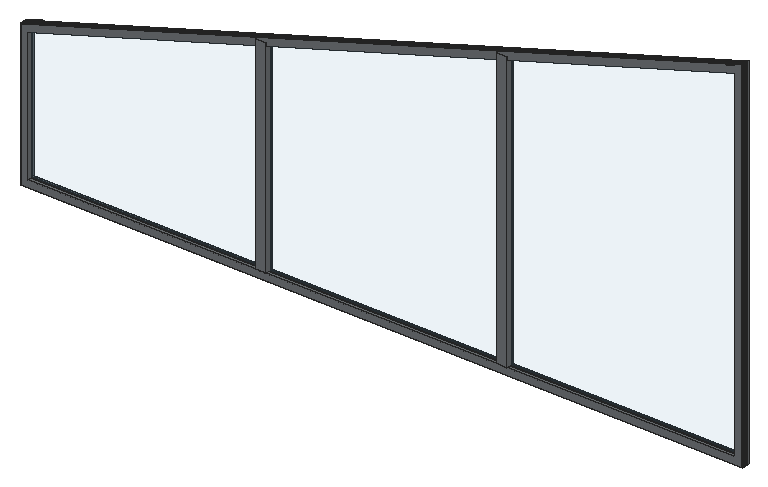
Revit family "Verano_V785_Serena Oblique_GM_R21", category Generic Models, Revit 2021
Family settings
  Can host rebar = No
  Round Connector Dimension = Use Diameter
  Part Type = Normal
  Work Plane-Based = No
  Always vertical = Yes
  Cut with Voids When Loaded = No
  Shared = No
  Room Calculation Point = No
Parameters
  Warning - Width [instance] = if(or(Overall Width < Minimal Width, Overall Width > Maximal Width), 1 = 1, 1 = 0)  # no
  Warning - Height [instance] = if(or(Height_Left < Minimal Height, Height_Right < Minimal Height, Height_Left > Maximal Height, Height_Right > Maximal Height), 1 = 1, 1 = 0)  # no
  URL = "https://verano.nl/catalogus/schuifwanden"
  TWO PART [instance] = PARTS = 2  # no
  THREE PART [instance] = PARTS = 3  # yes
  Panel Material [instance] = Glass
  PARTS [instance] = if(Overall Width Constraint < 1001 mm, 1, if(and(Overall Width Constraint > 1000 mm, Overall Width Constraint < 3001 mm), 2, 3))  # 3
  Overall Width Constraint [instance] = if(Overall Width < Minimal Width, Minimal Width, if(Overall Width > Maximal Width, Maximal Width, Overall Width))  # 5000 mm
  Overall Width [instance] = 5000 mm
  ONE PART [instance] = PARTS = 1  # no
  Model = "V785 Serena"
  Minimal Width [instance] = 250 mm  # constant formula
  Minimal Height [instance] = 600 mm  # constant formula
  Maximal Width [instance] = 5000 mm  # constant formula
  Maximal Height [instance] = 3200 mm  # constant formula
  Manufacturer = "Verano Systems"
  Height_Right [instance] = 2500 mm
  Height_Left [instance] = 1000 mm
  Height Constraint Right [instance] = if(Height_Right < Minimal Height, Minimal Height, if(Height_Right > Maximal Height, Maximal Height, Height_Right))  # 2500 mm
  Height Constraint Left [instance] = if(Height_Left < Minimal Height, Minimal Height, if(Height_Left > Maximal Height, Maximal Height, Height_Left))  # 1000 mm
  Glass Offset Middle = 20 mm  # constant formula
  Glass Offset End = 34 mm  # constant formula
  Frame Material [instance] = V_Antracite
  Default Elevation = 0 mm
  Angle 2 [instance] = -Angle  # -16.6992°
  Angle [instance] = if(Height Constraint Right - Height Constraint Left > 0 mm, atan((Height Constraint Right - Height Constraint Left) / Overall Width Constraint), if(Height Constraint Left - Height Constraint Right > 0 mm, -atan((Height Constraint Left - Height Constraint Right) / Overall Width Constraint), 0.00°))  # 16.6992°
Reference planes
  plane 1 "Center (Front/Back)": y = 0
  plane 2: z = 0
  plane 3 "Center (Left/Right)": x = 0
  plane 4: x = -2500
  plane 5: x = 2500
  plane 6: z = 1000
  plane 7: z = 2500
  plane 8: x = -833.333
  plane 9: x = 833.333
  plane 10 "2H": z = 50
  plane 11: x = -2466
  plane 12: x = 2466
  plane 13: x = 853.333
  plane 14: x = 813.333
  plane 15: x = -20
  plane 16: x = 20
  plane 17: x = -813.333
  plane 18: x = -853.333
  plane 19 "Glass Center": y = 14
  plane 20: z = 34
  plane 21: z = 954.303
  plane 22: z = 2474.703
Forms (mm)
  Sweep 1, solid, material "V_Antracite" <- "Frame Material"
    path origin (0, 0, 0) x (1, 0, 0) y (0, 0, 1)
      loop
        line (-2500, 0) -> (2500, 0) -> (2500, 2500) -> (-2500, 1000) -> (-2500, 0)
    profile "Profile_outside : Profile_outside" origin (-2500, 0, 500) x (-1, 0, 0) y (0, -1, 0)
      loop
        line (-50, 25.5) -> (-50, -4.037) -> (-48.85, -4.349) -> (-48.85, -2.35) -> (-40.11, -2.35) -> (-40.11, -1.05) -> (-48.85, -1.05) -> (-48.85, 7.7) -> (-23.1, 7.7) -> (-23.1, -24.2) -> (-48.85, -24.2) -> (-48.85, -22.5) -> (-47.357, -22.5) -> (-47.357, -21.5) -> (-50, -21.5) -> (-50, -25.5) -> (0, -25.5) -> (0, -22.041) -> (-1.5, -21.639) -> (-1.5, -23.7) -> (-4.9, -23.7) -> (-4.9, -5.7) -> (-1.5, -5.7) -> (-1.5, -7.761) -> (0, -7.359) -> (0, -3.107) -> (-1, -3.107) -> (-1, -4.2) -> (-4.9, -4.2) -> (-4.9, 4.2) -> (-1, 4.2) -> (-1, 3.107) -> (0, 3.107) -> (0, 7.359) -> (-1.5, 7.761) -> (-1.5, 5.7) -> (-4.9, 5.7) -> (-4.9, 23.7) -> (-1.5, 23.7) -> (-1.5, 21.639) -> (0, 22.041) -> (0, 25.5) -> (-50, 25.5)
  Sweep 2, solid, material "V_Antracite" <- "Frame Material", visible <- "THREE PART"
    path origin (0, 0, 0) x (1, 0, 0) y (0, 0, 1)
      loop
        line (-833.333, 50) -> (-833.333, 1475.883)
    profile "Profile_inside : Profile_inside" origin (-833.333, 0, 762.941) x (-1, 0, 0) y (0, -1, 0)
      loop
        line (0, 25.5) -> (-36, 25.5) -> (-36, -4.037) -> (-33.61, -4.687) -> (-33.61, -3.65) -> (-34.85, -3.313) -> (-34.85, -2.35) -> (-26.11, -2.35) -> (-26.11, -1.05) -> (-34.85, -1.05) -> (-34.85, 7.7) -> (-14, 7.7) -> (-14, 3.107) -> (-13, 3.107) -> (-13, 4.2) -> (-9.1, 4.2) -> (-9.1, -3.4) -> (-13, -3.4) -> (-13, -2.307) -> (-14, -2.307) -> (-14, -4.9) -> (-9.1, -4.9) -> (-9.1, -23.7) -> (-27.7, -23.7) -> (-27.7, -22.5) -> (-26.5, -22.5) -> (-26.5, -21.5) -> (-30.343, -21.5) -> (-30.343, -22.5) -> (-28.85, -22.5) -> (-28.85, -24.2) -> (-34.85, -24.2) -> (-34.85, -22.5) -> (-33.357, -22.5) -> (-33.357, -21.5) -> (-36, -21.5) -> (-36, -25.5) -> (0, -25.5) -> (36, -25.5) -> (36, -21.5) -> (33.357, -21.5) -> (33.357, -22.5) -> (34.85, -22.5) -> (34.85, -24.2) -> (28.85, -24.2) -> (28.85, -22.5) -> (30.343, -22.5) -> (30.343, -21.5) -> (26.5, -21.5) -> (26.5, -22.5) -> (27.7, -22.5) -> (27.7, -23.7) -> (9.1, -23.7) -> (9.1, -4.9) -> (14, -4.9) -> (14, -2.307) -> (13, -2.307) -> (13, -3.4) -> (9.1, -3.4) -> (9.1, 4.2) -> (13, 4.2) -> (13, 3.107) -> (14, 3.107) -> (14, 7.7) -> (34.85, 7.7) -> (34.85, -1.05) -> (26.11, -1.05) -> (26.11, -2.35) -> (34.85, -2.35) -> (34.85, -3.313) -> (33.61, -3.65) -> (33.61, -4.687) -> (36, -4.037) -> (36, 25.5) -> (0, 25.5)
  Sweep 3, solid, material "V_Antracite" <- "Frame Material", visible <- "TWO PART"
    path origin (0, 0, 0) x (1, 0, 0) y (0, 0, 1)
      loop
        line (0, 50) -> (0, 1725.883)
    profile "Profile_inside : Profile_inside" origin (0, 0, 887.941) x (-1, 0, 0) y (0, -1, 0)
      loop
        line (0, 25.5) -> (-36, 25.5) -> (-36, -4.037) -> (-33.61, -4.687) -> (-33.61, -3.65) -> (-34.85, -3.313) -> (-34.85, -2.35) -> (-26.11, -2.35) -> (-26.11, -1.05) -> (-34.85, -1.05) -> (-34.85, 7.7) -> (-14, 7.7) -> (-14, 3.107) -> (-13, 3.107) -> (-13, 4.2) -> (-9.1, 4.2) -> (-9.1, -3.4) -> (-13, -3.4) -> (-13, -2.307) -> (-14, -2.307) -> (-14, -4.9) -> (-9.1, -4.9) -> (-9.1, -23.7) -> (-27.7, -23.7) -> (-27.7, -22.5) -> (-26.5, -22.5) -> (-26.5, -21.5) -> (-30.343, -21.5) -> (-30.343, -22.5) -> (-28.85, -22.5) -> (-28.85, -24.2) -> (-34.85, -24.2) -> (-34.85, -22.5) -> (-33.357, -22.5) -> (-33.357, -21.5) -> (-36, -21.5) -> (-36, -25.5) -> (0, -25.5) -> (36, -25.5) -> (36, -21.5) -> (33.357, -21.5) -> (33.357, -22.5) -> (34.85, -22.5) -> (34.85, -24.2) -> (28.85, -24.2) -> (28.85, -22.5) -> (30.343, -22.5) -> (30.343, -21.5) -> (26.5, -21.5) -> (26.5, -22.5) -> (27.7, -22.5) -> (27.7, -23.7) -> (9.1, -23.7) -> (9.1, -4.9) -> (14, -4.9) -> (14, -2.307) -> (13, -2.307) -> (13, -3.4) -> (9.1, -3.4) -> (9.1, 4.2) -> (13, 4.2) -> (13, 3.107) -> (14, 3.107) -> (14, 7.7) -> (34.85, 7.7) -> (34.85, -1.05) -> (26.11, -1.05) -> (26.11, -2.35) -> (34.85, -2.35) -> (34.85, -3.313) -> (33.61, -3.65) -> (33.61, -4.687) -> (36, -4.037) -> (36, 25.5) -> (0, 25.5)
  Sweep 4, solid, material "V_Antracite" <- "Frame Material", visible <- "THREE PART"
    path origin (0, 0, 0) x (1, 0, 0) y (0, 0, 1)
      loop
        line (833.333, 50) -> (833.333, 1975.883)
    profile "Profile_inside : Profile_inside" origin (833.333, 0, 1012.941) x (-1, 0, 0) y (0, -1, 0)
      loop
        line (0, 25.5) -> (-36, 25.5) -> (-36, -4.037) -> (-33.61, -4.687) -> (-33.61, -3.65) -> (-34.85, -3.313) -> (-34.85, -2.35) -> (-26.11, -2.35) -> (-26.11, -1.05) -> (-34.85, -1.05) -> (-34.85, 7.7) -> (-14, 7.7) -> (-14, 3.107) -> (-13, 3.107) -> (-13, 4.2) -> (-9.1, 4.2) -> (-9.1, -3.4) -> (-13, -3.4) -> (-13, -2.307) -> (-14, -2.307) -> (-14, -4.9) -> (-9.1, -4.9) -> (-9.1, -23.7) -> (-27.7, -23.7) -> (-27.7, -22.5) -> (-26.5, -22.5) -> (-26.5, -21.5) -> (-30.343, -21.5) -> (-30.343, -22.5) -> (-28.85, -22.5) -> (-28.85, -24.2) -> (-34.85, -24.2) -> (-34.85, -22.5) -> (-33.357, -22.5) -> (-33.357, -21.5) -> (-36, -21.5) -> (-36, -25.5) -> (0, -25.5) -> (36, -25.5) -> (36, -21.5) -> (33.357, -21.5) -> (33.357, -22.5) -> (34.85, -22.5) -> (34.85, -24.2) -> (28.85, -24.2) -> (28.85, -22.5) -> (30.343, -22.5) -> (30.343, -21.5) -> (26.5, -21.5) -> (26.5, -22.5) -> (27.7, -22.5) -> (27.7, -23.7) -> (9.1, -23.7) -> (9.1, -4.9) -> (14, -4.9) -> (14, -2.307) -> (13, -2.307) -> (13, -3.4) -> (9.1, -3.4) -> (9.1, 4.2) -> (13, 4.2) -> (13, 3.107) -> (14, 3.107) -> (14, 7.7) -> (34.85, 7.7) -> (34.85, -1.05) -> (26.11, -1.05) -> (26.11, -2.35) -> (34.85, -2.35) -> (34.85, -3.313) -> (33.61, -3.65) -> (33.61, -4.687) -> (36, -4.037) -> (36, 25.5) -> (0, 25.5)
  Sweep 5, void
    path in 3D
      loop
        line (-2500, 0, 1000) -> (2500, 0, 2500)
    profile origin (0, 0, 1750) x (-0.287348, 0, 0.957826) y (0, -1, 0)
      loop
        line (-50, -25.5) -> (0, -25.5) -> (0, 25.5) -> (-50, 25.5) -> (-50, -25.5)
  Extrusion 6, solid, material "Glass" <- "Panel Material"
    sketch origin (0, 14, 0) x (1, 0, 0) y (0, 0, 1)
      loop
        line (-2466, 974.703) -> (-2466, 34) -> (2466, 34) -> (2466, 2454.303) -> (-2466, 974.703)
    from -4 to 4
Lines and regions (mm)
  reference lines
    curve 1: line (-2500, 0, 1000) -> (2500, 0, 2500)
    curve 3: line (2466, 14, 2454.303) -> (-2466, 14, 974.703)
  sketch lines
    curve 2: line (-2500, 0, 1000) -> (2500, 0, 2500)
Dimensions and locks
  equal spacing: plane 4, plane 3 "Center (Left/Right)", plane 5
  "Overall Width Constraint": plane 4 to plane 5
  "Height Constraint Left": plane 6 to plane 2
  "Height Constraint Right": plane 7 to plane 2
  equal spacing: plane 4, plane 8, plane 9, plane 5
  "Glass Offset End": plane 4 to plane 11
  "Glass Offset End": plane 12 to plane 5
  "Glass Offset Middle": plane 9 to plane 13
  "Glass Offset Middle": plane 14 to plane 9
  "Glass Offset Middle": plane 15 to plane 3 "Center (Left/Right)"
  "Glass Offset Middle": plane 3 "Center (Left/Right)" to plane 16
  "Glass Offset Middle": plane 18 to plane 8
  "Glass Offset Middle": plane 8 to plane 17
  plane 1 "Center (Front/Back)" to plane 19 "Glass Center" = 14 mm
  "Glass Offset End": plane 20 to plane 2
  plane 6 to plane 21 = 45.697 mm
  plane 7 to plane 22 = 25.297 mm
  locked: curve 3 to curve 1 at 34
  "Angle": angle plane 6 to curve 1
  "Angle 2": angle curve 3 to plane 6
  aligned and locked: level to plane 2
  aligned and locked: Sweep 1 sketch curve to plane 2
  aligned and locked: plane 5 to Sweep 1 sketch curve
  aligned and locked: plane 7 to Sweep 1 sketch curve
  aligned and locked: plane 6 to Sweep 1 sketch curve
  aligned and locked: plane 4 to Sweep 1 sketch curve
  aligned and locked: plane 5 to curve 1
  aligned and locked: plane 6 to curve 1
  aligned and locked: plane 4 to curve 1
  aligned and locked: plane 10 "2H" to Sweep 2 sketch curve
  aligned and locked: plane 8 to Sweep 2 sketch curve
  aligned and locked: plane 10 "2H" to Sweep 3 sketch curve
  aligned and locked: plane 3 "Center (Left/Right)" to Sweep 3 sketch curve
  aligned and locked: plane 10 "2H" to Sweep 4 sketch curve
  aligned and locked: plane 9 to Sweep 4 sketch curve
  aligned and locked: Sweep 1 to Sweep 2 sketch curve
  aligned and locked: Sweep 1 to Sweep 3 sketch curve
  aligned and locked: Sweep 1 to Sweep 4 sketch curve
  aligned and locked: plane 11 to curve 3
  aligned and locked: plane 12 to curve 3
  aligned and locked: Extrusion 6 sketch curve to plane 11
  aligned and locked: Extrusion 6 sketch curve to curve 3
  aligned and locked: Extrusion 6 sketch curve to plane 12
  aligned and locked: Extrusion 6 sketch curve to plane 20
Automatic sketch dimensions
  Sweep 5 sketch curve to profile plane = 25.5 mm
  Sweep 5 sketch curve to profile plane = 0 mm
  profile plane to Sweep 5 sketch curve = 25.5 mm
  Sweep 5 sketch curve to Sweep 5 sketch curve = 50 mm
